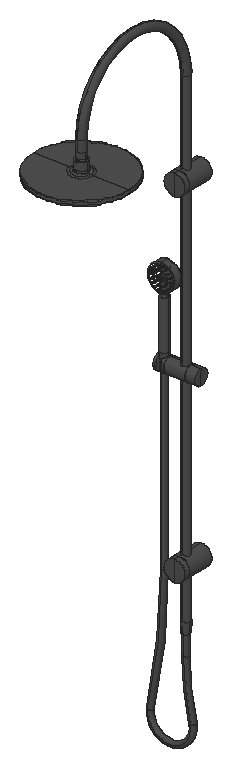
Revit family "Reece_Shower_Milli_Mood Edit_Twin Rail Shower_Curved_250 mm", category Plumbing Fixtures, Revit 2018
Family settings
  Round Connector Dimension = Use Diameter
  Part Type = Normal
  Work Plane-Based = Yes
  Always vertical = Yes
  Cut with Voids When Loaded = Yes
  Shared = Yes
  Room Calculation Point = Yes
Parameters (values of type "Matte Black")
  inletTop = if(isTopInlet, Reece_Shower_Inlet, 0 mm)  # 12 mm
  URL = "https://www.reece.com.au/product/-4202233"
  Type Comments = "Shower"
  Reece_Shower_Inlet = 12 mm  # constant formula
  Reece_Shower_Head_Height = 425 mm  # constant formula
  Reece_Shower_Arm_Length = 390 mm  # constant formula
  isTopInlet = yes
  Reece_Product_Web Page = "https://www.reece.com.au/product/-4202233"
  Reece_Product_Type = "Shower"  # constant formula
  Reece_Product_Sub Brand = "Mood Edit"  # constant formula
  Reece_Product_Number = "4202233"
  Reece_Product_Mount = "Wall Mounted"
  Reece_Product_Description = "Milli Mood Edit Twin Rail Shower 250mm Curved with Top or Bottom Rail Water Inlet Matte Black (3 Star)"
  Reece_Product_Brand = "Milli"  # constant formula
  Reece_Overall_Width = 515 mm  # constant formula
  Reece_Material_Main = Reece_Brass_Matte Black
  Reece_Height_From_Level [instance] = 1800 mm
  Reece_Detail_Shape = "Twin Rail Shower"  # constant formula
  Reece_Detail_Installation = ""
  Reece_Detail_Disclaimer = "THIS FILE IS THE PROPERTY OF THE REECE GROUP. IT MAY NOT BE REPRODUCED, REVERSE-ENGINEERED OR MODIFIED. ANY REPUBLICATION, TRANSMISSION OR DISTRIBUTION FOR THE PURPOSE OF COMMERCIALLY EXPLOITING THE FILES IS PROHIBITED."  # constant formula
  Reece_Detail_Connector = ""
  Reece_Detail_Additional = "Curved"  # constant formula
  Model = "Mood Edit"
  Manufacturer = "Milli"
  Keynote = "Product #4202233, Reece_Shower_Milli_Mood Edit_Twin Rail Shower_Curved_250 mm - Matte Black"
  InletBottom = if(isTopInlet, 0 mm, Reece_Shower_Inlet)  # 0 mm
  Disclaimer = "THIS FILE IS THE PROPERTY OF THE REECE GROUP. IT MAY NOT BE REPRODUCED, REVERSE-ENGINEERED OR MODIFIED. ANY REPUBLICATION, TRANSMISSION OR DISTRIBUTION FOR THE PURPOSE OF COMMERCIALLY EXPLOITING THE FILES IS PROHIBITED."  # constant formula
  Description = "Milli Mood Edit Twin Rail Shower 250mm Curved with Top or Bottom Rail Water Inlet Matte Black (3 Star)"
  Default Elevation = 0 mm
Types (10, lengths in mm): name | URL | Reece_Product_Web Page | Reece_Product_Number | Reece_Product_Description | Reece_Material_Main | Keynote | Description
  (no name) | "https://www.reece.com.au/product/-9511837" | "https://www.reece.com.au/product/-9511837" | "9511837" | "Milli Mood Edit Twin Rail Shower Curved PVD Brushed Gunmetal (3 Star)" | Reece_PVD_Brushed Gunmetal | "Product #9511837, Reece_Shower_Milli_Mood Edit_Twin Rail Shower_Curved_250 mm -  " | "Milli Mood Edit Twin Rail Shower Curved PVD Brushed Gunmetal (3 Star)"
  Chrome | "https://www.reece.com.au/product/-4202230" | "https://www.reece.com.au/product/-4202230" | "4202230" | "Milli Mood Edit Twin Rail Shower 250mm Curved with Top or Bottom Rail Water Inlet Chrome (3 Star)" | Reece_Brass_Chrome | "Product #4202230, Reece_Shower_Milli_Mood Edit_Twin Rail Shower_Curved_250 mm - Chrome" | "Milli Mood Edit Twin Rail Shower 250mm Curved with Top or Bottom Rail Water Inlet Chrome (3 Star)"
  Brushed Nickel | "https://www.reece.com.au/product/-4202231" | "https://www.reece.com.au/product/-4202231" | "4202231" | "Milli Mood Edit Twin Rail Shower 250mm Curved with Top or Bottom Rail Water Inlet Brushed Nickel (3 Star)" | Reece_Brass_Brushed Nickel | "Product #4202231, Reece_Shower_Milli_Mood Edit_Twin Rail Shower_Curved_250 mm - Brushed Nickel" | "Milli Mood Edit Twin Rail Shower 250mm Curved with Top or Bottom Rail Water Inlet Brushed Nickel (3 Star)"
  Brushed Gunmetal | "https://www.reece.com.au/product/-4202232" | "https://www.reece.com.au/product/-4202232" | "4202232" | "Milli Mood Edit Twin Rail Shower 250mm Curved with Top or Bottom Rail Water Inlet Brushed Gunmetal (3 Star)" | Reece_Brass_Brushed Gunmetal | "Product #4202232, Reece_Shower_Milli_Mood Edit_Twin Rail Shower_Curved_250 mm - Brushed Gunmetal" | "Milli Mood Edit Twin Rail Shower 250mm Curved with Top or Bottom Rail Water Inlet Brushed Gunmetal (3 Star)"
  Matte Black | "https://www.reece.com.au/product/-4202233" | "https://www.reece.com.au/product/-4202233" | "4202233" | "Milli Mood Edit Twin Rail Shower 250mm Curved with Top or Bottom Rail Water Inlet Matte Black (3 Star)" | Reece_Brass_Matte Black | "Product #4202233, Reece_Shower_Milli_Mood Edit_Twin Rail Shower_Curved_250 mm - Matte Black" | "Milli Mood Edit Twin Rail Shower 250mm Curved with Top or Bottom Rail Water Inlet Matte Black (3 Star)"
  PVD Brushed Bronze | "https://www.reece.com.au/product/-9511163" | "https://www.reece.com.au/product/-9511163" | "9511163" | "Milli Mood Edit Twin Rail Shower 250mm Curved with Top or Bottom Rail Water Inlet PVD Brushed Bronze (3 Star)" | Reece_PVD_Brushed Bronze | "Product #9511163, Reece_Shower_Milli_Mood Edit_Twin Rail Shower_Curved_250 mm - PVD Brushed Bronze" | "Milli Mood Edit Twin Rail Shower 250mm Curved with Top or Bottom Rail Water Inlet PVD Brushed Bronze (3 Star)"
  PVD Brushed Gold | "https://www.reece.com.au/product/-9510978" | "https://www.reece.com.au/product/-9510978" | "9510978" | "Milli Mood Edit Twin Rail Shower 250mm Curved with Top or Bottom Rail Water Inlet PVD Brushed Gold (3 Star)" | Reece_PVD_Brushed Gold | "Product #9510978, Reece_Shower_Milli_Mood Edit_Twin Rail Shower_Curved_250 mm - PVD Brushed Gold" | "Milli Mood Edit Twin Rail Shower 250mm Curved with Top or Bottom Rail Water Inlet PVD Brushed Gold (3 Star)"
  PVD Brushed Gunmetal | "https://www.reece.com.au/product/-9511837" | "https://www.reece.com.au/product/-9511837" | "9511837" | "Milli Mood Edit Twin Rail Shower Curved PVD Brushed Gunmetal (3 Star)" | Reece_PVD_Brushed Gunmetal | "Product #9511837, Reece_Shower_Milli_Mood Edit_Twin Rail Shower_Curved_250 mm - PVD Brushed Gunmetal" | "Milli Mood Edit Twin Rail Shower Curved PVD Brushed Gunmetal (3 Star)"
  PVD Brushed Nickel | "https://www.reece.com.au/product/-9511652" | "https://www.reece.com.au/product/-9511652" | "9511652" | "Milli Mood Edit Twin Rail Shower Curved PVD Brushed Nickel (3 Star)" | Reece_PVD_Brushed Nickel | "Product #9511652, Reece_Shower_Milli_Mood Edit_Twin Rail Shower_Curved_250 mm - PVD Brushed Nickel" | "Milli Mood Edit Twin Rail Shower Curved PVD Brushed Nickel (3 Star)"
  PVD Matte Black | "https://www.reece.com.au/product/-9511467" | "https://www.reece.com.au/product/-9511467" | "9511467" | "Milli Mood Edit Twin Rail Shower Curved PVD Matte Black (3 Star)" | Reece_PVD_Matte Black | "Product #9511467, Reece_Shower_Milli_Mood Edit_Twin Rail Shower_Curved_250 mm - PVD Matte Black" | "Milli Mood Edit Twin Rail Shower Curved PVD Matte Black (3 Star)"
Reference planes
  plane 1 "Center (Front/Back)": y = 0
  plane 2 "Height From Floor": z = 1800
  plane 3 "Center (Left/Right)": x = 0
  plane 4 "Bottom Of Invisible Line": z = -5
  plane 5: x = 11
  plane 6: x = -11
  plane 7: y = -390
  plane 8 "Main Rail": y = -50
  plane 9: z = 2225
  plane 10: y = 0
  plane 11: y = -86.5
  plane 12: x = -27.04
  plane 13: x = 27.04
  plane 14: z = 1955
  plane 15 "Headshower Connection": z = 2015
  plane 16: y = -515
  plane 17 "Bottom Fixture": z = 900
  plane 18 "Bottom Rail Connection": z = 770
  plane 19 "Center L/T": z = 1350
  plane 20 "Handshower Handle": x = -56
  plane 21: x = -125
  plane 22: x = 125
Forms (mm)
  Revolve 1, solid, material "Reece_Brass_Matte Black" <- "Reece_Material_Main"
    sketch origin (0, -50, 1770.852) x (0, -1, 0) y (0, 0, 1)
      loop
        line (-50, 56.188) -> (-50, 36.648) -> (-14, 36.648) -> (-14, 29.148) -> (36.5, 29.148) -> (36.5, 56.188) -> (22.632, 56.188) -> (22.632, 51.026) -> (21.562, 51.026) -> (21.562, 56.188) -> (-50, 56.188)
      axis (36.5, 29.148) -> (-50, 29.148)
    angle from 0 to 360
  Sweep 2, solid, material "Reece_Brass_Matte Black" <- "Reece_Material_Main"
    path origin (0, -50, 0) x (0, -1, 0) y (0, 0, 1)
      loop
        line (0, 770) -> (0, 2044.023)
        arc (0, 2044.023) -> (170, 2214.023) -> (340, 2044.023) r 170
        line (340, 2044.023) -> (340, 2015)
    profile origin (0, -50, 1407.011) x (0, 1, 0) y (-1, 0, 0)
      loop
        circle (0, 0) r 11
      loop
        circle (0, 0) r 10
  Revolve 3, solid, material "Reece_Brass_Matte Black" <- "Reece_Material_Main"
    sketch origin (0, -50, 870.852) x (0, -1, 0) y (0, 0, 1)
      loop
        line (-50, 56.188) -> (-50, 36.648) -> (-14, 36.648) -> (-14, 29.148) -> (36.5, 29.148) -> (36.5, 56.188) -> (22.632, 56.188) -> (22.632, 51.026) -> (21.562, 51.026) -> (21.562, 56.188) -> (-50, 56.188)
      axis (36.5, 29.148) -> (-50, 29.148)
    angle from 0 to 360
  Revolve 4, solid, material "Reece_Brass_Matte Black" <- "Reece_Material_Main"
    sketch origin (0, -50, 0) x (0, 0, 1) y (-1, 0, 0)
      loop
        line (1370, -40) -> (1370, -14.527) -> (1369, -14.527) -> (1369, -13.527) -> (1370, -13.527) -> (1370, 41) -> (1369, 41) -> (1369, 42) -> (1370, 42) -> (1370, 70) -> (1350, 70) -> (1350, -40) -> (1370, -40)
      axis (1350, 70) -> (1350, -40)
    angle from 0 to 360
  Revolve 5, solid, material "Reece_Brass_Matte Black" <- "Reece_Material_Main"
    sketch origin (-99, -50, 149.971) x (1, 0, 0) y (0, 0, 1)
      loop
        line (54.5, 1229) -> (54.5, 1355) -> (49.25, 1355) -> (49.25, 1402) -> (43, 1402) -> (43, 1229) -> (54.5, 1229)
      axis (43, 1229) -> (43, 1402)
    angle from 0 to 360
  Revolve 6, solid, material "Reece_Brass_Matte Black" <- "Reece_Material_Main"
    sketch origin (-56, 0, 149.971) x (0, 0, -1) y (0, -1, 0)
      loop
        line (-1402, 38.5) -> (-1402, 62.392)
        arc (-1402, 62.392) -> (-1419.006, 62.169) -> (-1436, 61.5) r 648.39
        arc (-1436, 61.5) -> (-1436.707, 61.207) -> (-1437, 60.5) r 1
        line (-1437, 60.5) -> (-1437, 39.5)
        arc (-1437, 39.5) -> (-1436.707, 38.793) -> (-1436, 38.5) r 1
        line (-1436, 38.5) -> (-1402, 38.5)
      axis (-1402, 62.392) -> (-1402, 38.5)
    angle from 0 to 360
  Extrusion 7, solid, material "Reece_Brass_Matte Black" <- "Reece_Material_Main", detail levels fine
    sketch origin (-99, -50, 149.971) x (1, 0, 0) y (0, 0, 1)
      loop
        circle (43, 1410) r 1.5
      loop
        circle (36.072, 1406) r 1.5
      loop
        circle (25.613, 1406.659) r 1.5
      loop
        circle (30.272, 1414.728) r 1.5
      loop
        circle (38.341, 1419.387) r 1.5
      loop
        circle (14.527, 1402) r 1.5
      loop
        circle (16.215, 1411.577) r 1.5
      loop
        circle (21.551, 1419.998) r 1.5
      loop
        circle (29, 1426.249) r 1.5
      loop
        circle (38.138, 1429.575) r 1.5
      loop
        circle (49.928, 1406) r 1.5
      loop
        circle (60.387, 1406.659) r 1.5
      loop
        circle (55.728, 1414.728) r 1.5
      loop
        circle (47.659, 1419.387) r 1.5
      loop
        circle (71, 1402) r 1.5
      loop
        circle (69.311, 1411.577) r 1.5
      loop
        circle (64.449, 1419.998) r 1.5
      loop
        circle (57, 1426.249) r 1.5
      loop
        circle (47.862, 1429.575) r 1.5
      loop
        circle (43, 1394) r 1.5
      loop
        circle (36.072, 1398) r 1.5
      loop
        circle (25.613, 1397.341) r 1.5
      loop
        circle (30.272, 1389.272) r 1.5
      loop
        circle (38.341, 1384.613) r 1.5
      loop
        circle (16.215, 1392.423) r 1.5
      loop
        circle (21.551, 1384.002) r 1.5
      loop
        circle (29, 1377.751) r 1.5
      loop
        circle (38.138, 1374.425) r 1.5
      loop
        circle (49.928, 1398) r 1.5
      loop
        circle (60.387, 1397.341) r 1.5
      loop
        circle (55.728, 1389.272) r 1.5
      loop
        circle (47.659, 1384.613) r 1.5
      loop
        circle (69.311, 1392.423) r 1.5
      loop
        circle (64.449, 1384.002) r 1.5
      loop
        circle (57, 1377.751) r 1.5
      loop
        circle (47.862, 1374.425) r 1.5
    from 0 to 14.099
  Revolve 8, solid, material "Reece_Brass_Matte Black" <- "Reece_Material_Main"
    sketch origin (-99, -50, 149.971) x (1, 0, 0) y (0, 0, 1)
      loop
        line (43, 1200) -> (51.069, 1200)
        arc (51.069, 1200) -> (51.75, 1200.268) -> (52.066, 1200.929) r 1
        line (52.066, 1200.929) -> (53.237, 1213.964) -> (50.75, 1213.964) -> (50.75, 1214.964) -> (53.327, 1214.964) -> (54.5, 1229) -> (43, 1229) -> (43, 1200)
      axis (43, 1229) -> (43, 1200)
    angle from 0 to 360
  Revolve 9, void
    sketch origin (0, -50, 0) x (0, 0, 1) y (-1, 0, 0)
      loop
        line (1381.243, 68.697) -> (1350, 65.988) -> (1322.91, 65.988) -> (1322.91, 56) -> (1381.243, 56) -> (1381.243, 68.697)
      axis (1322.91, 56) -> (1381.243, 56)
    angle from 0 to 360
  Extrusion 10, void
    sketch origin (0, 0, 1350) x (0, 1, 0) y (-1, 0, 0)
      loop
        line (-57.068, 62.11) -> (-67.6, 62.11) -> (-70, 65.537) -> (-70, 46.463) -> (-67.6, 49.89) -> (-57.068, 49.89) -> (-57.068, 62.11)
    from -34.403 to 28.971
  Extrusion 11, void
    sketch origin (-99, -50, 149.971) x (1, 0, 0) y (0, 0, 1)
      loop
        circle (43, 1410) r 1.5
      loop
        circle (36.072, 1406) r 1.5
      loop
        circle (25.613, 1406.659) r 1.5
      loop
        circle (30.272, 1414.728) r 1.5
      loop
        circle (38.341, 1419.387) r 1.5
      loop
        circle (14.527, 1402) r 1.5
      loop
        circle (16.215, 1411.577) r 1.5
      loop
        circle (21.551, 1419.998) r 1.5
      loop
        circle (29, 1426.249) r 1.5
      loop
        circle (38.138, 1429.575) r 1.5
      loop
        circle (49.928, 1406) r 1.5
      loop
        circle (60.387, 1406.659) r 1.5
      loop
        circle (55.728, 1414.728) r 1.5
      loop
        circle (47.659, 1419.387) r 1.5
      loop
        circle (71, 1402) r 1.5
      loop
        circle (69.311, 1411.577) r 1.5
      loop
        circle (64.449, 1419.998) r 1.5
      loop
        circle (57, 1426.249) r 1.5
      loop
        circle (47.862, 1429.575) r 1.5
      loop
        circle (43, 1394) r 1.5
      loop
        circle (36.072, 1398) r 1.5
      loop
        circle (25.613, 1397.341) r 1.5
      loop
        circle (30.272, 1389.272) r 1.5
      loop
        circle (38.341, 1384.613) r 1.5
      loop
        circle (16.215, 1392.423) r 1.5
      loop
        circle (21.551, 1384.002) r 1.5
      loop
        circle (29, 1377.751) r 1.5
      loop
        circle (38.138, 1374.425) r 1.5
      loop
        circle (49.928, 1398) r 1.5
      loop
        circle (60.387, 1397.341) r 1.5
      loop
        circle (55.728, 1389.272) r 1.5
      loop
        circle (47.659, 1384.613) r 1.5
      loop
        circle (69.311, 1392.423) r 1.5
      loop
        circle (64.449, 1384.002) r 1.5
      loop
        circle (57, 1377.751) r 1.5
      loop
        circle (47.862, 1374.425) r 1.5
    from 0 to 14.099
  Sweep 12, solid, material "Reece_Brass_Matte Black" <- "Reece_Material_Main"
    path origin (0, -50, 0) x (0, 0, 1) y (-1, 0, 0)
      loop
        line (1350, 56) -> (870, 56)
        arc (870, 56) -> (700.894, 65.105) -> (533.744, 92.317) r 1574.857
        arc (533.744, 92.317) -> (532.789, 92.501) -> (531.826, 92.639) r 20
        arc (531.826, 92.639) -> (469.267, 35.882) -> (534.12, -18.239) r 55.988
        arc (534.12, -18.239) -> (534.86, -18.106) -> (535.594, -17.945) r 20
        arc (535.594, -17.945) -> (611.272, -4.502) -> (688.002, 0) r 656.162
        line (688.002, 0) -> (765, 0)
    profile origin (-56, -50, 1110) x (0, -1, 0) y (1, 0, 0)
      loop
        circle (0, 0) r 7.5
  Revolve 13, solid, material "Reece_Brass_Matte Black" <- "Reece_Material_Main"
    sketch origin (0, -50, 0) x (0, 0, 1) y (-1, 0, 0)
      loop
        line (770, 7.685) -> (770, 11) -> (740.948, 9.477)
        arc (740.948, 9.477) -> (740.275, 9.167) -> (740, 8.479) r 1
        line (740, 8.479) -> (740, 7.685) -> (770, 7.685)
      axis (740, 0) -> (770, 0)
    angle from 0 to 360
Cuts and joins
  Revolve 9, Extrusion 10 cuts Revolve 4
  joined: Revolve 1, Sweep 2, Revolve 3, Revolve 4
  Extrusion 11 cuts Revolve 6
  joined: Revolve 5, Revolve 6
Lines and regions (mm)
  model lines, style "InvisibleLines"
    curve 1: line (0, 0, -5) -> (0, 0, 1800)
Text (mm)
  text "Reece ©" at (2155.535, -1941.88, 3919.397), in view "Reece Preview"
  text "Reece Copyright © 2018, Reece Ltd." at (-327.277, -568.509, 0), in view "Ref. Level"
Dimensions and locks
  plane 5 to plane 6 = 22 mm
  "Reece_Height_From_Level": plane 2 "Height From Floor" to level
  locked: plane 12 to plane 13 at 54.08
  plane 8 "Main Rail" to plane 7 = 340 mm
  "Reece_Shower_Head_Height": plane 9 to plane 11
  plane 19 "Center L/T" to plane 2 "Height From Floor" to plane 14 = 450 mm locked, 155 mm locked
  plane 15 "Headshower Connection" to plane 2 "Height From Floor" to plane 17 "Bottom Fixture" to plane 18 "Bottom Rail Connection" = 215 mm locked, 900 mm locked, 130 mm locked
  "Reece_Shower_Head_Height": plane 9 to plane 12
  cut or joined group of Revolve 1, Sweep 2, Revolve 3, Revolve 4, Revolve 9, Extrusion 10 to cut or joined group of Revolve 1, Sweep 2, Revolve 3, Revolve 4, Revolve 9, Extrusion 10 = 54.08 mm  (x4)
  cut or joined group of Revolve 1, Sweep 2, Revolve 3, Revolve 4, Revolve 9, Extrusion 10 to plane 7 = 340 mm
  plane 10 to cut or joined group of Revolve 1, Sweep 2, Revolve 3, Revolve 4, Revolve 9, Extrusion 10 = 86.5 mm
  plane 6 to plane 5 = 22 mm
  "Reece_Shower_Arm_Length": plane 7 to cut or joined group of Revolve 1, Sweep 2, Revolve 3, Revolve 4, Revolve 9, Extrusion 10
  locked: plane 14 to plane 9 at 270
  plane 10 to plane 8 "Main Rail" = 50 mm
  "Reece_Shower_Arm_Length": plane 10 to plane 7
  cut or joined group of Revolve 1, Sweep 2, Revolve 3, Revolve 4, Revolve 9, Extrusion 10 to cut or joined group of Revolve 1, Sweep 2, Revolve 3, Revolve 4, Revolve 9, Extrusion 10 = 110 mm
  plane 2 "Height From Floor" to plane 17 "Bottom Fixture" to plane 18 "Bottom Rail Connection" = 900 mm, 130 mm
  cut or joined group of Revolve 1, Sweep 2, Revolve 3, Revolve 4, Revolve 9, Extrusion 10 to cut or joined group of Revolve 1, Sweep 2, Revolve 3, Revolve 4, Revolve 9, Extrusion 10 = 40 mm  (x2)
  plane 21 to plane 22 = 250 mm
  nested 1 to nested 1 = 250 mm
  Revolve 13 sketch curve to plane 18 "Bottom Rail Connection" to Revolve 13 sketch curve = 0 mm locked, 30 mm locked
  aligned and locked: plane 2 "Height From Floor" to curve 1
  aligned and locked: plane 2 "Height From Floor" to Revolve 1 sketch curve  (x2)
  aligned and locked: plane 11 to Revolve 1 sketch curve
  aligned and locked: plane 15 "Headshower Connection" to Sweep 2 sketch curve
  aligned and locked: Revolve 1 sketch curve to plane 10
  aligned and locked: plane 17 "Bottom Fixture" to Revolve 3 sketch curve  (x2)
  aligned and locked: plane 18 "Bottom Rail Connection" to Sweep 2 sketch curve
  aligned and locked: Revolve 4 sketch curve to plane 19 "Center L/T"
  aligned and locked: plane 19 "Center L/T" to Revolve 4 sketch curve
  aligned and locked: Revolve 5 sketch curve to Revolve 8
Automatic sketch dimensions
  Revolve 1 sketch curve to plane 8 "Main Rail" = 14 mm
  plane 11 to Revolve 1 sketch curve = 14.938 mm
  Revolve 1 sketch curve to Revolve 1 sketch curve = 1.07 mm
  plane 2 "Height From Floor" to Revolve 1 sketch curve = 7.5 mm
  plane 2 "Height From Floor" to Revolve 1 sketch curve = 21.878 mm
  Revolve 1 sketch curve to Revolve 1 sketch curve = 5.161 mm
  Revolve 1 sketch curve to Revolve 1 sketch curve = 0 mm
  plane 8 "Main Rail" to Revolve 1 sketch curve = 1 mm
  Revolve 1 sketch curve to plane 11 = 18.5 mm
  Sweep 2 sketch curve to plane 8 "Main Rail" = 0 mm
  Sweep 2 sketch curve to plane 7 = 0 mm
  Sweep 2 sketch curve to Sweep 2 sketch curve = 29.023 mm
  Sweep 2 sketch curve to Sweep 2 sketch curve = 0 mm  (x2)
  profile plane to Sweep 2 sketch curve = 0 mm
  Sweep 2 sketch curve to profile plane = 0 mm
  Revolve 3 sketch curve to plane 1 "Center (Front/Back)" = 0 mm
  Revolve 3 sketch curve to plane 11 = 0 mm
  Revolve 3 sketch curve to plane 8 "Main Rail" = 14 mm
  Revolve 3 sketch curve to Revolve 3 sketch curve = 14.938 mm
  Revolve 3 sketch curve to Revolve 3 sketch curve = 1.07 mm
  plane 17 "Bottom Fixture" to Revolve 3 sketch curve = 7.5 mm
  plane 17 "Bottom Fixture" to Revolve 3 sketch curve = 21.878 mm
  Revolve 3 sketch curve to Revolve 3 sketch curve = 5.161 mm
  Revolve 3 sketch curve to Revolve 3 sketch curve = 0 mm
  plane 8 "Main Rail" to Revolve 3 sketch curve = 1 mm
  Revolve 3 sketch curve to plane 11 = 18.5 mm
  plane 19 "Center L/T" to Revolve 4 sketch curve = 19 mm  (x2)
  plane 5 to Revolve 4 sketch curve = 2.527 mm
  plane 19 "Center L/T" to Revolve 4 sketch curve = 20 mm
  Revolve 4 sketch curve to Revolve 4 sketch curve = 1 mm  (x3)
  Revolve 4 sketch curve to Revolve 4 sketch curve = 0 mm
  Revolve 4 sketch curve to plane 13 = 12.96 mm
  plane 12 to Revolve 4 sketch curve = 13.96 mm
  Revolve 4 sketch curve to Revolve 4 sketch curve = 28 mm
  Revolve 4 sketch curve to Revolve 4 sketch curve = 200 mm
  Revolve 4 sketch curve to Revolve 4 sketch curve = 70 mm
  plane 13 to Revolve 5 sketch curve = 83.04 mm  (x2)
  Revolve 5 sketch curve to Revolve 5 sketch curve = 6.25 mm
  Revolve 5 sketch curve to Revolve 5 sketch curve = 5.25 mm
  plane 19 "Center L/T" to Revolve 5 sketch curve = 154.971 mm
  Revolve 5 sketch curve to Revolve 5 sketch curve = 47 mm
  plane 2 "Height From Floor" to Revolve 5 sketch curve = 84.971 mm
  Revolve 5 sketch curve to plane 14 = 108.971 mm
  Revolve 6 sketch curve to plane 8 "Main Rail" = 10.5 mm
  plane 19 "Center L/T" to Revolve 6 sketch curve = 236.971 mm
  Revolve 6 sketch curve to Revolve 6 sketch curve = 1 mm  (x2)
  Revolve 6 sketch curve to Revolve 6 sketch curve = 34 mm
  Revolve 6 sketch curve to plane 1 "Center (Front/Back)" = 585.998 mm
  plane 11 to Revolve 6 sketch curve = 26 mm
  Revolve 6 sketch curve to Revolve 6 sketch curve = 0 mm
  Revolve 6 sketch curve to plane 8 "Main Rail" = 41 mm
  plane 11 to Revolve 6 sketch curve = 12.5 mm
  Extrusion 7 sketch curve to plane 5 = 95.473 mm
  Extrusion 7 sketch curve to plane 5 = 93.785 mm  (x2)
  plane 13 to Extrusion 7 sketch curve = 104.489 mm  (x2)
  plane 13 to Extrusion 7 sketch curve = 100.427 mm  (x2)
  plane 13 to Extrusion 7 sketch curve = 97.04 mm  (x2)
  plane 13 to Extrusion 7 sketch curve = 95.768 mm  (x2)
  plane 13 to Extrusion 7 sketch curve = 89.968 mm
  Extrusion 7 sketch curve to Extrusion 7 sketch curve = 0 mm  (x6)
  Extrusion 7 sketch curve to Extrusion 7 sketch curve = 9.138 mm  (x4)
  Extrusion 7 sketch curve to Extrusion 7 sketch curve = 8.069 mm  (x8)
  Extrusion 7 sketch curve to Extrusion 7 sketch curve = 6.928 mm  (x3)
  Extrusion 7 sketch curve to Extrusion 7 sketch curve = 9.317 mm  (x4)
  Extrusion 7 sketch curve to Extrusion 7 sketch curve = 9.724 mm  (x2)
  Extrusion 7 sketch curve to Extrusion 7 sketch curve = 4.659 mm  (x5)
  Extrusion 7 sketch curve to Extrusion 7 sketch curve = 7.449 mm  (x2)
  Extrusion 7 sketch curve to Extrusion 7 sketch curve = 4.862 mm  (x2)
  Extrusion 7 sketch curve to Extrusion 7 sketch curve = 1.689 mm
  plane 19 "Center L/T" to Extrusion 7 sketch curve = 174.397 mm
  Extrusion 7 sketch curve to Extrusion 7 sketch curve = 3.326 mm  (x3)
  Extrusion 7 sketch curve to Extrusion 7 sketch curve = 6.251 mm  (x4)
  Extrusion 7 sketch curve to Extrusion 7 sketch curve = 10.188 mm
  Extrusion 7 sketch curve to Extrusion 7 sketch curve = 8.421 mm  (x4)
  Extrusion 7 sketch curve to Extrusion 7 sketch curve = 9.387 mm
  Extrusion 7 sketch curve to Extrusion 7 sketch curve = 4 mm  (x3)
  Extrusion 7 sketch curve to Extrusion 7 sketch curve = 9.577 mm  (x4)
  Extrusion 7 sketch curve to Extrusion 7 sketch curve = 8 mm  (x2)
  curve 1 to plane 3 "Center (Left/Right)" = 0 mm
  curve 1 to plane 4 "Bottom Of Invisible Line" = 0 mm
  Revolve 8 sketch curve to plane 20 "Handshower Handle" = 0 mm  (x2)
  plane 20 "Handshower Handle" to Revolve 8 sketch curve = 7.75 mm
  Revolve 8 sketch curve to plane 19 "Center L/T" = 0.029 mm
  Revolve 8 sketch curve to Revolve 8 sketch curve = 8.069 mm
  plane 19 "Center L/T" to Revolve 8 sketch curve = 0.9 mm
  Revolve 8 sketch curve to Revolve 8 sketch curve = 0.997 mm
  Revolve 8 sketch curve to Revolve 8 sketch curve = 2.486 mm
  Revolve 8 sketch curve to Revolve 8 sketch curve = 0.09 mm
  Revolve 8 sketch curve to Revolve 8 sketch curve = 12.964 mm
  Revolve 8 sketch curve to Revolve 8 sketch curve = 1 mm
  Revolve 8 sketch curve to Revolve 8 sketch curve = 14.036 mm
  Revolve 8 sketch curve to Revolve 8 sketch curve = 11.5 mm
  Revolve 8 sketch curve to Revolve 8 sketch curve = 26 mm
  Revolve 8 sketch curve to Revolve 8 sketch curve = 64 mm
  Revolve 9 sketch curve to plane 20 "Handshower Handle" = 0 mm  (x2)
  Revolve 9 sketch curve to plane 19 "Center L/T" = 0 mm
  Revolve 9 sketch curve to plane 20 "Handshower Handle" = 9.988 mm
  Revolve 9 sketch curve to Revolve 9 sketch curve = 27.09 mm
  Revolve 9 sketch curve to plane 20 "Handshower Handle" = 12.697 mm
  plane 19 "Center L/T" to Revolve 9 sketch curve = 31.243 mm
  Revolve 9 sketch curve to Revolve 9 sketch curve = 7.91 mm
  Revolve 9 sketch curve to Revolve 9 sketch curve = 16.114 mm
  Extrusion 10 sketch curve to plane 20 "Handshower Handle" = 6.11 mm
  plane 8 "Main Rail" to Extrusion 10 sketch curve = 17.6 mm
  plane 20 "Handshower Handle" to Extrusion 10 sketch curve = 6.11 mm
  Extrusion 10 sketch curve to Extrusion 10 sketch curve = 0 mm
  plane 8 "Main Rail" to Extrusion 10 sketch curve = 7.068 mm
  Extrusion 10 sketch curve to Extrusion 10 sketch curve = 3.427 mm  (x2)
  Extrusion 10 sketch curve to Extrusion 10 sketch curve = 2.4 mm
  Extrusion 11 sketch curve to plane 20 "Handshower Handle" = 0 mm  (x2)
  Extrusion 11 sketch curve to plane 20 "Handshower Handle" = 4.659 mm  (x2)
  Extrusion 11 sketch curve to plane 20 "Handshower Handle" = 4.862 mm  (x2)
  Extrusion 11 sketch curve to plane 20 "Handshower Handle" = 6.928 mm  (x2)
  Extrusion 11 sketch curve to Extrusion 11 sketch curve = 8.069 mm  (x8)
  Extrusion 11 sketch curve to Extrusion 11 sketch curve = 9.138 mm  (x4)
  Extrusion 11 sketch curve to Extrusion 11 sketch curve = 4.659 mm  (x7)
  Extrusion 11 sketch curve to Extrusion 11 sketch curve = 7.449 mm  (x2)
  Extrusion 11 sketch curve to Extrusion 11 sketch curve = 5.336 mm  (x2)
  Extrusion 11 sketch curve to Extrusion 11 sketch curve = 1.689 mm
  plane 20 "Handshower Handle" to Extrusion 11 sketch curve = 4.659 mm  (x2)
  plane 20 "Handshower Handle" to Extrusion 11 sketch curve = 4.862 mm  (x2)
  plane 20 "Handshower Handle" to Extrusion 11 sketch curve = 6.928 mm  (x2)
  plane 12 to Extrusion 11 sketch curve = 7.511 mm  (x2)
  plane 12 to Extrusion 11 sketch curve = 2.649 mm  (x2)
  plane 12 to Extrusion 11 sketch curve = 0.96 mm
  plane 19 "Center L/T" to Extrusion 11 sketch curve = 174.397 mm
  Extrusion 11 sketch curve to Extrusion 11 sketch curve = 0 mm  (x4)
  Extrusion 11 sketch curve to Extrusion 11 sketch curve = 3.326 mm  (x3)
  Extrusion 11 sketch curve to Extrusion 11 sketch curve = 6.251 mm  (x4)
  Extrusion 11 sketch curve to Extrusion 11 sketch curve = 10.188 mm
  Extrusion 11 sketch curve to Extrusion 11 sketch curve = 8.421 mm  (x4)
  Extrusion 11 sketch curve to Extrusion 11 sketch curve = 9.387 mm
  Extrusion 11 sketch curve to Extrusion 11 sketch curve = 4 mm  (x3)
  Extrusion 11 sketch curve to Extrusion 11 sketch curve = 9.577 mm  (x4)
  Extrusion 11 sketch curve to Extrusion 11 sketch curve = 8 mm  (x2)
  Extrusion 11 sketch curve to Extrusion 11 sketch curve = 9.317 mm  (x2)
  Sweep 12 sketch curve to plane 3 "Center (Left/Right)" = 0 mm
  plane 20 "Handshower Handle" to Sweep 12 sketch curve = 0 mm
  Sweep 12 sketch curve to plane 19 "Center L/T" = 0 mm
  Sweep 12 sketch curve to plane 17 "Bottom Fixture" = 30 mm
  Sweep 12 sketch curve to plane 18 "Bottom Rail Connection" = 81.998 mm
  Sweep 12 sketch curve to plane 3 "Center (Left/Right)" = 1.508 mm
  Sweep 12 sketch curve to Sweep 12 sketch curve = 157.053 mm
  Sweep 12 sketch curve to plane 20 "Handshower Handle" = 16.778 mm
  Sweep 12 sketch curve to Sweep 12 sketch curve = 1.475 mm
  plane 12 to Sweep 12 sketch curve = 10 mm
  Sweep 12 sketch curve to Sweep 12 sketch curve = 5.707 mm
  Sweep 12 sketch curve to plane 22 = 531.162 mm
  plane 21 to Sweep 12 sketch curve = 1505.857 mm
  Sweep 12 sketch curve to plane 18 "Bottom Rail Connection" = 5 mm
  Sweep 12 sketch curve to Sweep 12 sketch curve = 0 mm  (x3)
  Sweep 12 sketch curve to profile plane = 0 mm
  profile plane to Sweep 12 sketch curve = 0 mm
  Revolve 13 sketch curve to Revolve 13 sketch curve = 0.948 mm
  Revolve 13 sketch curve to Revolve 13 sketch curve = 0.052 mm
  plane 22 to Revolve 13 sketch curve = 132.685 mm
  Revolve 13 sketch curve to Revolve 13 sketch curve = 0.793 mm
  Revolve 13 sketch curve to Revolve 13 sketch curve = 3.315 mm
  Revolve 13 sketch curve to Revolve 13 sketch curve = 40 mm
  plane 18 "Bottom Rail Connection" to Revolve 13 sketch curve = 35 mm
  plane 22 to Revolve 13 sketch curve = 125 mm
  radius of Sweep 2 sketch curve = 11 mm
  radius of Sweep 2 sketch curve = 10 mm
  radius of Extrusion 7 sketch curve = 1.5 mm  (x36)
  radius of Extrusion 11 sketch curve = 1.5 mm  (x36)
  radius of Sweep 12 sketch curve = 7.5 mm
Nested families
  nested 1: "Reece_Shower_Milli_Mood Edit_Shower Head_250 mm Head_Nested" at (0, -390, 2015) x (1, 0, 0) z (0, 0, -1), Reece_Material_Main <- "Reece_Material_Main", type "Reece_Shower_Milli_Mood Edit_Shower Head_250 mm Head_Nested"
    with Reece_Material_Main Reece_Brass_Matte Black
Connectors
  piping at (0, 0, 1800), diameter 12, driven by "inletTop"
    settings: on cut or joined group of Revolve 1, Sweep 2, Revolve 3, Revolve 4, Revolve 9, Extrusion 10, index 1, connector inside diameter 609.6 mm, connector length 0 mm, flow factor 0, pipe flow 0.0 L/s, pressure drop 0.0 Pa, fitting loss kfactor 0, connector angle 0.00°, fixture units 0, engagement length 0 mm, angle of deflection 0.00°, flow configuration 0, flow direction 1, fitting loss method 0, system type 29, joint type 0, gender type 0, connector reference index -1, connector utility 0, adjustable connector no, is connector primary yes, connector description ""
  piping at (0, 0, 900), driven by "InletBottom"
    settings: on cut or joined group of Revolve 1, Sweep 2, Revolve 3, Revolve 4, Revolve 9, Extrusion 10, index 2, connector diameter 0 mm, connector inside diameter 609.6 mm, connector length 0 mm, flow factor 0, pipe flow 0.0 L/s, pressure drop 0.0 Pa, fitting loss kfactor 0, connector angle 0.00°, fixture units 0, engagement length 0 mm, angle of deflection 0.00°, flow configuration 0, flow direction 1, fitting loss method 0, system type 29, joint type 0, gender type 0, connector reference index -1, connector utility 0, adjustable connector no, is connector primary no, connector description ""
Definition of nested family "Reece_Shower_Milli_Mood Edit_Shower Head_250 mm Head_Nested"
  Parameters (values of type "Reece_Shower_Milli_Pure_Shower Head_250 mm Head_Nested")
    Waste Connection = no
    WFU = 0
    Vent Connection = no
    URL = ""
    Type Comments = ""
    Reece_Material_Main [instance] = none
    Model = ""
    Manufacturer = ""
    Keynote = ""
    HWFU = 0
    HW Connection = no
    Description = ""
    Default Elevation = 0 mm
    Cost = 0
    CWFU = 0
    CW Connection = no
    Assembly Code = ""
  Reference planes
    plane 1 "Center (Front/Back)": y = 0
    plane 2: z = 0
    plane 3 "Center (Left/Right)": x = 0
    plane 4: z = 60
    plane 5: y = 125
    plane 6: y = -125
    plane 7: x = 125
    plane 8: x = -125
    plane 9: z = 50
  Forms (mm)
    Extrusion 1, solid
      sketch origin (619.2, 20, 0) x (1, 0, 0) y (0, 1, 0)
        loop
          line (-843.153, 203.827) -> (-843.153, -206.911) -> (-435.255, -206.911) -> (-435.255, 203.827) -> (-843.153, 203.827)
      from 0 to -35.776
    Revolve 2, solid, material <- "Reece_Material_Main"
      sketch origin (0, 0, -187) x (1, 0, 0) y (0, 0, 1)
        loop
          line (0, 247) -> (0, 187) -> (11, 187) -> (11, 203) -> (9.387, 203)
          arc (9.387, 203) -> (8.576, 203.415) -> (8.439, 204.316) r 1
          line (8.439, 204.316) -> (9.772, 208.316)
          arc (9.772, 208.316) -> (10.136, 208.811) -> (10.721, 209) r 1
          line (10.721, 209) -> (16, 209)
          arc (16, 209) -> (16.477, 218.25) -> (16, 227.5) r 90
          line (16, 227.5) -> (15, 227.5) -> (15, 228.5) -> (16, 228.5) -> (16, 233.105)
          arc (16, 233.105) -> (16.202, 233.707) -> (16.726, 234.066) r 1
          line (16.726, 234.066) -> (24.324, 236.233)
          arc (24.324, 236.233) -> (27.04, 236.807) -> (29.809, 237) r 20
          line (29.809, 237) -> (124.5, 237)
          arc (124.5, 237) -> (124.854, 237.146) -> (125, 237.5) r 0.5
          line (125, 237.5) -> (125, 246.5)
          arc (125, 246.5) -> (124.854, 246.854) -> (124.5, 247) r 0.5
          line (124.5, 247) -> (0, 247)
        axis (0, 247) -> (0, 187)
      angle from 0 to 360
    Extrusion 3, void
      sketch origin (0, 0, 0) x (1, 0, 0) y (0, 1, 0)
        loop
          line (-10, 3.005) -> (-12, 3.005) -> (-12, -3.005) -> (-10, -3.005) -> (-10, 3.005)
        loop
          line (10, 3.005) -> (10, -3.005) -> (12, -3.005) -> (12, 3.005) -> (10, 3.005)
      from 10 to 16
    Extrusion 4, solid, material <- "Reece_Material_Main", detail levels fine
      sketch origin (2.068, -0.55, 6) x (0.866025, -0.5, 0) y (0.5, 0.866025, 0)
        loop
          circle (9.236, 17.47) r 2
        loop
          circle (-1.292, 20.706) r 2
        loop
          circle (19.65, 27.744) r 2
        loop
          circle (7.167, 33.9) r 2
        loop
          circle (-6.723, 34.811) r 2
        loop
          circle (31.171, 36.357) r 2
        loop
          circle (18.138, 44.821) r 2
        loop
          circle (3.126, 48.844) r 2
        loop
          circle (-12.394, 48.03) r 2
        loop
          circle (42.957, 44.466) r 2
        loop
          circle (29.77, 54.585) r 2
        loop
          circle (14.413, 60.946) r 2
        loop
          circle (-2.066, 63.116) r 2
        loop
          circle (-18.546, 60.946) r 2
        loop
          circle (54.752, 52.149) r 2
        loop
          circle (41.607, 63.465) r 2
        loop
          circle (26.275, 71.575) r 2
        loop
          circle (9.522, 76.064) r 2
        loop
          circle (-7.81, 76.73) r 2
        loop
          circle (-24.854, 73.517) r 2
        loop
          circle (68.722, 58.841) r 2
        loop
          circle (57.332, 70.231) r 2
        loop
          circle (44.137, 79.47) r 2
        loop
          circle (29.539, 86.277) r 2
        loop
          circle (13.98, 90.446) r 2
        loop
          circle (-2.066, 91.85) r 2
        loop
          circle (-18.113, 90.446) r 2
        loop
          circle (-33.671, 86.277) r 2
        loop
          circle (81.577, 65.216) r 2
        loop
          circle (71.368, 76.448) r 2
        loop
          circle (59.468, 85.58) r 2
        loop
          circle (46.704, 94.015) r 2
        loop
          circle (32.752, 99.992) r 2
        loop
          circle (18.091, 103.92) r 2
        loop
          circle (3.02, 105.728) r 2
        loop
          circle (-12.154, 105.37) r 2
        loop
          circle (-27.123, 102.857) r 2
        loop
          circle (-41.583, 98.24) r 2
        loop
          circle (92.91, 70.693) r 2
        loop
          circle (82.525, 82.534) r 2
        loop
          circle (70.684, 92.919) r 2
        loop
          circle (57.588, 101.669) r 2
        loop
          circle (43.462, 108.635) r 2
        loop
          circle (28.548, 113.698) r 2
        loop
          circle (13.101, 116.771) r 2
        loop
          circle (-2.615, 117.801) r 2
        loop
          circle (-18.332, 116.771) r 2
        loop
          circle (-33.779, 113.698) r 2
        loop
          circle (-48.693, 108.635) r 2
        loop
          circle (-23.329, -1.331) r 2
        loop
          circle (-20.868, 9.404) r 2
        loop
          circle (-37.434, -5.214) r 2
        loop
          circle (-36.524, 8.675) r 2
        loop
          circle (-30.368, 21.159) r 2
        loop
          circle (-50.654, -10.885) r 2
        loop
          circle (-51.467, 4.635) r 2
        loop
          circle (-47.445, 19.646) r 2
        loop
          circle (-38.981, 32.68) r 2
        loop
          circle (-63.57, -17.037) r 2
        loop
          circle (-65.739, -0.557) r 2
        loop
          circle (-63.57, 15.922) r 2
        loop
          circle (-57.209, 31.279) r 2
        loop
          circle (-47.09, 44.466) r 2
        loop
          circle (-76.12, -23.41) r 2
        loop
          circle (-79.348, -6.368) r 2
        loop
          circle (-78.705, 10.965) r 2
        loop
          circle (-74.216, 27.718) r 2
        loop
          circle (-66.127, 43.06) r 2
        loop
          circle (-54.822, 56.215) r 2
        loop
          circle (-88.901, -32.162) r 2
        loop
          circle (-93.07, -16.604) r 2
        loop
          circle (-94.473, -0.557) r 2
        loop
          circle (-93.07, 15.489) r 2
        loop
          circle (-88.901, 31.048) r 2
        loop
          circle (-82.093, 45.646) r 2
        loop
          circle (-72.854, 58.841) r 2
        loop
          circle (-61.464, 70.231) r 2
        loop
          circle (-100.85, -40.108) r 2
        loop
          circle (-105.472, -25.65) r 2
        loop
          circle (-107.43, -10.779) r 2
        loop
          circle (-108.354, 4.492) r 2
        loop
          circle (-106.554, 19.564) r 2
        loop
          circle (-102.625, 34.225) r 2
        loop
          circle (-96.656, 48.18) r 2
        loop
          circle (-88.759, 61.143) r 2
        loop
          circle (-79.098, 72.85) r 2
        loop
          circle (-67.869, 83.063) r 2
        loop
          circle (-111.259, -47.184) r 2
        loop
          circle (-116.322, -32.27) r 2
        loop
          circle (-119.394, -16.823) r 2
        loop
          circle (-120.424, -1.106) r 2
        loop
          circle (-119.394, 14.61) r 2
        loop
          circle (-116.322, 30.057) r 2
        loop
          circle (-111.259, 44.971) r 2
        loop
          circle (-104.293, 59.097) r 2
        loop
          circle (-95.543, 72.193) r 2
        loop
          circle (-85.158, 84.034) r 2
        loop
          circle (-73.316, 94.419) r 2
        loop
          circle (19.197, 0.217) r 2
        loop
          circle (16.735, -10.518) r 2
        loop
          circle (33.302, 4.099) r 2
        loop
          circle (32.391, -9.79) r 2
        loop
          circle (26.235, -22.274) r 2
        loop
          circle (46.521, 9.77) r 2
        loop
          circle (47.335, -5.75) r 2
        loop
          circle (43.312, -20.761) r 2
        loop
          circle (34.848, -33.795) r 2
        loop
          circle (59.437, 15.922) r 2
        loop
          circle (61.607, -0.557) r 2
        loop
          circle (59.437, -17.037) r 2
        loop
          circle (53.076, -32.394) r 2
        loop
          circle (42.957, -45.581) r 2
        loop
          circle (71.988, 22.295) r 2
        loop
          circle (75.216, 5.253) r 2
        loop
          circle (74.572, -12.079) r 2
        loop
          circle (70.083, -28.833) r 2
        loop
          circle (61.994, -44.175) r 2
        loop
          circle (50.69, -57.329) r 2
        loop
          circle (84.768, 31.048) r 2
        loop
          circle (88.937, 15.489) r 2
        loop
          circle (90.341, -0.557) r 2
        loop
          circle (88.937, -16.604) r 2
        loop
          circle (84.768, -32.162) r 2
        loop
          circle (77.961, -46.761) r 2
        loop
          circle (68.722, -59.956) r 2
        loop
          circle (57.332, -71.345) r 2
        loop
          circle (96.717, 38.993) r 2
        loop
          circle (101.34, 24.536) r 2
        loop
          circle (103.298, 9.664) r 2
        loop
          circle (104.221, -5.607) r 2
        loop
          circle (102.421, -20.678) r 2
        loop
          circle (98.493, -35.34) r 2
        loop
          circle (92.523, -49.295) r 2
        loop
          circle (84.626, -62.258) r 2
        loop
          circle (74.965, -73.965) r 2
        loop
          circle (63.737, -84.178) r 2
        loop
          circle (107.126, 46.069) r 2
        loop
          circle (112.189, 31.155) r 2
        loop
          circle (115.262, 15.708) r 2
        loop
          circle (116.292, -0.008) r 2
        loop
          circle (115.262, -15.725) r 2
        loop
          circle (112.189, -31.172) r 2
        loop
          circle (107.126, -46.086) r 2
        loop
          circle (100.16, -60.212) r 2
        loop
          circle (91.41, -73.308) r 2
        loop
          circle (81.025, -85.149) r 2
        loop
          circle (69.184, -95.534) r 2
        loop
          circle (-13.368, -18.585) r 2
        loop
          circle (-2.84, -21.82) r 2
        loop
          circle (-23.783, -28.859) r 2
        loop
          circle (-11.299, -35.015) r 2
        loop
          circle (2.59, -35.925) r 2
        loop
          circle (-35.304, -37.472) r 2
        loop
          circle (-22.27, -45.936) r 2
        loop
          circle (-7.259, -49.958) r 2
        loop
          circle (8.261, -49.145) r 2
        loop
          circle (-47.09, -45.581) r 2
        loop
          circle (-33.903, -55.7) r 2
        loop
          circle (-18.546, -62.061) r 2
        loop
          circle (-2.066, -64.23) r 2
        loop
          circle (14.413, -62.061) r 2
        loop
          circle (-58.884, -53.264) r 2
        loop
          circle (-45.74, -64.58) r 2
        loop
          circle (-30.407, -72.689) r 2
        loop
          circle (-13.654, -77.178) r 2
        loop
          circle (3.677, -77.844) r 2
        loop
          circle (20.722, -74.631) r 2
        loop
          circle (-72.854, -59.956) r 2
        loop
          circle (-61.464, -71.345) r 2
        loop
          circle (-48.27, -80.584) r 2
        loop
          circle (-33.671, -87.392) r 2
        loop
          circle (-18.113, -91.561) r 2
        loop
          circle (-2.066, -92.964) r 2
        loop
          circle (13.98, -91.561) r 2
        loop
          circle (29.539, -87.392) r 2
        loop
          circle (-85.71, -66.331) r 2
        loop
          circle (-75.501, -77.563) r 2
        loop
          circle (-63.6, -86.695) r 2
        loop
          circle (-50.837, -95.13) r 2
        loop
          circle (-36.885, -101.107) r 2
        loop
          circle (-22.223, -105.035) r 2
        loop
          circle (-7.153, -106.843) r 2
        loop
          circle (8.021, -106.485) r 2
        loop
          circle (22.991, -103.972) r 2
        loop
          circle (37.45, -99.355) r 2
        loop
          circle (-97.043, -71.808) r 2
        loop
          circle (-86.658, -83.649) r 2
        loop
          circle (-74.816, -94.034) r 2
        loop
          circle (-61.721, -102.784) r 2
        loop
          circle (-47.595, -109.75) r 2
        loop
          circle (-32.681, -114.813) r 2
        loop
          circle (-17.234, -117.885) r 2
        loop
          circle (-1.517, -118.915) r 2
        loop
          circle (14.199, -117.885) r 2
        loop
          circle (29.646, -114.813) r 2
        loop
          circle (44.561, -109.75) r 2
        loop
          circle (4.854, 3.313) r 2
        loop
          circle (16.979, 10.313) r 2
        loop
          circle (29.103, 17.313) r 2
        loop
          circle (41.227, 24.313) r 2
        loop
          circle (53.352, 31.313) r 2
        loop
          circle (65.476, 38.313) r 2
        loop
          circle (-8.879, -4.616) r 2
        loop
          circle (-21.003, -11.616) r 2
        loop
          circle (-33.127, -18.616) r 2
        loop
          circle (-45.252, -25.616) r 2
        loop
          circle (-57.376, -32.616) r 2
        loop
          circle (-69.5, -39.616) r 2
        loop
          circle (-82.11, -46.775) r 2
        loop
          circle (-94.226, -53.79) r 2
        loop
          circle (-105.043, -60.054) r 2
        loop
          circle (77.981, 45.654) r 2
        loop
          circle (90.114, 52.639) r 2
        loop
          circle (100.948, 58.874) r 2
        loop
          circle (-13.125, 18.379) r 2
        loop
          circle (-20.125, 30.504) r 2
        loop
          circle (-27.125, 42.628) r 2
        loop
          circle (-34.125, 54.752) r 2
        loop
          circle (-41.125, 66.877) r 2
        loop
          circle (-48.187, 79.542) r 2
        loop
          circle (-55.187, 91.667) r 2
        loop
          circle (-61.437, 102.492) r 2
        loop
          circle (8.804, -19.602) r 2
        loop
          circle (15.804, -31.727) r 2
        loop
          circle (22.804, -43.851) r 2
        loop
          circle (29.804, -55.975) r 2
        loop
          circle (36.804, -68.1) r 2
        loop
          circle (44.242, -80.549) r 2
        loop
          circle (51.242, -92.673) r 2
        loop
          circle (57.492, -103.498) r 2
        loop
          circle (-1.334, 7.371) r 2
        loop
          circle (-9.299, 2.773) r 2
        loop
          circle (5.166, -3.888) r 2
        loop
          circle (-2.798, -8.486) r 2
      from 54 to 55
  Cuts and joins
    Extrusion 3 cuts Revolve 2
  Text (mm)
    text "Reece Copyright © 2018, Reece Ltd." at (-684.407, -223.434, 0), in view "Ref. Level"
    text "Reece ©" at (-376.822, 575.02, -217.389), in view "Reece_Preview"
  Dimensions and locks
    aligned and locked: plane 2 to Extrusion 1
    aligned and locked: level to Extrusion 1
